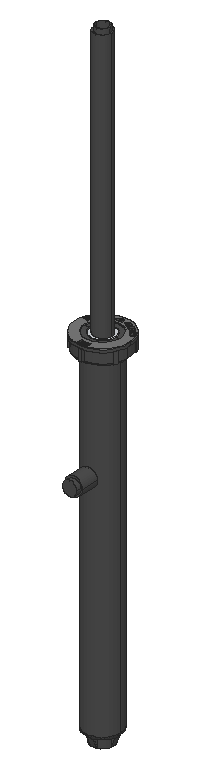
Revit family "Spray Bodies RD1800-S-P-45-F-NP Series", category Acessórios do tubo, Revit 2020
Family settings
  Cota do conector redondo = Utilizar diâmetro
  Tipo de parte = Normal
  Número OmniClass = 23.60.30.11.14
  Título OmniClass = Pipework Fittings
  Com base no plano de trabalho = Não
  Sempre na vertical = Sim
  Corte com vazios quando carregada = Não
  Compartilhado = Não
Parameters (values of type "RD1812-S-P-45-F-NP")
  White Plastic = Purple Plastic
  URL = "https://www.rainbird.com/"
  SupportProjetos: Reviw Date = "15/11/2020"  # constant formula
  SupportProjetos: Reviw = "R01"  # constant formula
  SupportProjetos: Level of Detail = "LOD 300"  # constant formula
  SupportProjetos: Developed = "MICHEL SOARES MOTA"  # constant formula
  SupportProjetos: Creation Date = "13/07/2020"  # constant formula
  Side inlet = Model > 1805  # yes
  RainBird: Product Link = "https://store.rainbird.com/sprinklers/spray-heads.html?sprays_sprayheadseries=117"
  RainBird: Description = "Spray Bodies Serie ED1800 - Model RD1812-S-P-45-F-NP"
  RainBird: Comment [instance] = ""
  RT = 0.3015 cm
  RN = 1 cm
  R5 = 1 cm
  R4 = 1.25 cm
  R3 = 2 cm
  R2 = 2.85 cm
  R1 = 1 cm
  R-VAN = yes
  Pop up height = 30.5 cm
  Pop up on [instance] = yes
  Modelo = "RD1812-S-P-45-F-NP"
  Model = 1812
  H1 = Body height / 3  # 13.5333 cm
  Elevação padrão = 0 cm
  Descrição = RainBird: Description  # "Spray Bodies Serie ED1800 - Model RD1812-S-P-45-F-NP"
  DT8 = 0.08 cm
  DT7 = 3.05 cm
  DT6 = 2 cm
  DT5 = 0.12 cm
  DT4 = 0.5 cm
  DT3 = 0.7973 cm
  DT2 = 1 cm
  DT1 = 1.4 cm
  DD9 = 2 cm
  DD8 [instance] = if(Pop up on, Pop up height, 0 cm)  # 30.5 cm
  DD7 = 0.6 cm
  DD6 = 0.3 cm
  DD5 = 0.2 cm
  DD3 = 1.8 cm
  DD2 = 0.5 cm
  DD13 = 1.5 cm
  DD12 [instance] = if(Pop up on, Pop up height + 1.51 cm, 0 cm)  # 32.01 cm
  DD11 = 0.6254 cm
  DD10 = 2.5 cm
  DD1 = 1.2 cm
  Conection = 1.91 cm  # constant formula
  Body height = 40.6 cm
  Black Plastic 2 = Black Plastic 2
  Black Plastic = Black Plastic
  Arch Angle [instance] = 180.00°
  AA1 = 135.00°
  1812 = yes
  1806 = no
  1804 = no
  180 = no
Types (4, lengths in cm): name | Side inlet | RainBird: Description | Pop up height | Modelo | Model | H1 | Descrição | DD9 | DD8 | DD12 | DD11 | DD10 | Body height | 1812 | 1806 | 1804 | 180
  (no name) | yes | "Spray Bodies Serie ED1800 - Model RD1812-S-P-45-F-NP" | 30.5 | "RD1812-S-P-45-F-NP" | 1812 | 13.5333 | "Spray Bodies Serie ED1800 - Model RD1812-S-P-45-F-NP" | 2 | 30.5 | 32.01 | 0.6254 | 2.5 | 40.6 | yes | no | no | no
  RD1804-S-P-45-F-NP | no | "Spray Bodies Serie RD1800 - Model RD1804-S-P-45-F-NP" | 10.2 | "RD1804-S-P-45-F-NP" | 1804 | 5.0667 | "Spray Bodies Serie RD1800 - Model RD1804-S-P-45-F-NP" | 1.3673 | 10.2 | 11.71 | 0.2 | 2.7818 | 15.2 | no | no | yes | yes
  RD1806-S-P-45-F-NP | yes | "Spray Bodies Serie RD1800 - Model RD1806-S-P-45-F-NP" | 15.2 | "RD1806-S-P-45-F-NP" | 1806 | 7.9333 | "Spray Bodies Serie RD1800 - Model RD1806-S-P-45-F-NP" | 1.3673 | 15.2 | 16.71 | 0.1 | 2.7818 | 23.8 | no | yes | no | yes
  RD1812-S-P-45-F-NP | yes | "Spray Bodies Serie ED1800 - Model RD1812-S-P-45-F-NP" | 30.5 | "RD1812-S-P-45-F-NP" | 1812 | 13.5333 | "Spray Bodies Serie ED1800 - Model RD1812-S-P-45-F-NP" | 2 | 30.5 | 32.01 | 0.6254 | 2.5 | 40.6 | yes | no | no | no
Reference planes (cm)
  plane 1 "Centro (Frente/Trás)": y = 0
  plane 2: z = 0
  plane 3 "Centro (Esquerda/Direita)": x = 0
  plane 4: z = 0.12
  plane 5: z = 0.08
  plane 6: y = -2
Forms (cm)
  Revolve 1, solid, material "Black Plastic" <- "Black Plastic"
    sketch origin (0, 0, 0) x (1, 0, 0) y (0, 0, 1)
      loop
        line (2.85, -1.5672) -> (2.85, -0.3) -> (3.05, -0.3) -> (3.05, 0) -> (1.4, 0) -> (1.4, -1) -> (1, -1) -> (1, -30.5) -> (0.6, -30.5) -> (0.6, -39.4) -> (1, -39.4) -> (1, -40.6) -> (1.25, -40.6) -> (1.25, -39.4) -> (1.6985, -39.4)
        arc (1.6985, -39.4) -> (1.9117, -39.3117) -> (2, -39.0985) r 0.3015
        line (2, -39.0985) -> (2, -2.1015)
        arc (2, -2.1015) -> (2.0883, -1.8883) -> (2.3015, -1.8) r 0.3015
        line (2.3015, -1.8) -> (2.6172, -1.8) -> (2.85, -1.5672)
      axis (0, -40.6) -> (0, 0)
    angle from 0 to 360
  Extrusion 2, solid, material "Black Plastic" <- "Black Plastic"
    sketch origin (0, 0, 0) x (1, 0, 0) y (0, 1, 0)
      loop
        circle (0, 0) r 1
    from -30.5 to 30.5
  Extrusion 3, void
    sketch origin (0, 0, 0) x (1, 0, 0) y (0, 1, 0)
      loop
        circle (0, 0) r 1
      loop
        circle (0, 0) r 0.7973
    from 30 to 30.5
  Extrusion 4, solid, material "Black Plastic" <- "Black Plastic", visible <- "180"
    sketch origin (0, -2.5, 0) x (1, 0, 0) y (0, 1, 0)
      loop
        line (-2.231, 3.2135) -> (-2.1644, 3.3339) -> (-2.3679, 3.3844) -> (-2.2992, 3.5085) -> (-2.0365, 3.4904) -> (-1.9715, 3.608) -> (-2.2887, 3.6298) -> (-2.4263, 3.706) -> (-2.6398, 3.6445) -> (-2.8298, 3.3622) -> (-2.231, 3.2135)
      loop
        line (-2.6663, 3.4585) -> (-2.4339, 3.4008) -> (-2.3526, 3.5478) -> (-2.4178, 3.6107) -> (-2.5587, 3.5701) -> (-2.6663, 3.4585)
      loop
        line (-1.9163, 3.7039) -> (-1.8175, 3.8064) -> (-1.8808, 3.8933) -> (-1.7232, 4.0568) -> (-1.6371, 4.0092) -> (-1.5763, 4.1193) -> (-2.1283, 4.1963) -> (-2.2118, 4.1098) -> (-1.9163, 3.7039)
      loop
        line (-2.0723, 4.0915) -> (-1.9537, 3.9286) -> (-1.8139, 4.0736) -> (-2.0723, 4.0915)
      loop
        line (-1.8177, 4.5186) -> (-1.3486, 4.2146) -> (-1.2727, 4.2934) -> (-1.7417, 4.5974) -> (-1.8177, 4.5186)
      loop
        line (-1.1151, 4.372) -> (-1.0305, 4.4599) -> (-1.2636, 4.6846) -> (-0.7593, 4.6142) -> (-0.6667, 4.7103) -> (-1.0803, 5.0567) -> (-1.1605, 4.9984) -> (-0.8466, 4.7354) -> (-1.4131, 4.8145) -> (-1.5049, 4.7477) -> (-1.1151, 4.372)
      loop
        line (-0.4562, 4.9237) -> (-0.283, 4.8466) -> (-0.0843, 4.7934) -> (0, 4.9138) -> (0.2358, 4.8722) -> (0.2981, 4.9345) -> (0.116, 5.0156) -> (0.2085, 5.1477) -> (-0.0336, 5.3172) -> (-0.0336, 5.1849) -> (-0.0336, 5.0821) -> (-0.1724, 5.1439) -> (-0.2428, 5.1033) -> (-0.1476, 5.0081) -> (-0.274, 4.9621) -> (-0.4562, 4.9237)
      loop
        line (0.6147, 4.7728) -> (0.9327, 4.5929) -> (1.0885, 4.5721) -> (1.1808, 4.6694) -> (1.1317, 4.7723) -> (1.2619, 4.7549) -> (1.334, 4.8309) -> (1.2754, 4.9539) -> (0.9573, 5.1338) -> (0.6147, 4.7728)
      loop
        line (0.8462, 4.8897) -> (0.7501, 4.7884) -> (0.9556, 4.6722) -> (1.0744, 4.6732) -> (1.0734, 4.7801) -> (0.8462, 4.8897)
      loop
        line (0.9989, 5.0507) -> (0.9222, 4.9699) -> (1.1173, 4.8595) -> (1.2037, 4.8602) -> (1.1883, 4.9435) -> (0.9989, 5.0507)
      loop
        line (1.2199, 4.4305) -> (1.3171, 4.3754) -> (1.7079, 4.7092) -> (1.6106, 4.7642) -> (1.2199, 4.4305)
      loop
        line (1.9335, 4.5079) -> (1.472, 4.2878) -> (1.5637, 4.2008) -> (1.7245, 4.2775) -> (1.8813, 4.1484) -> (1.7689, 4.0299) -> (1.857, 3.9063) -> (1.985, 3.9976) -> (2.0031, 4.1334) -> (2.1114, 4.0951) -> (2.2369, 4.155) -> (2.156, 4.3246) -> (1.9335, 4.5079)
      loop
        line (1.9261, 4.4053) -> (1.8225, 4.3559) -> (1.9436, 4.2141) -> (2.1112, 4.2155) -> (2.0556, 4.3321) -> (1.9261, 4.4053)
      loop
        line (1.9557, 3.8215) -> (2.1968, 3.4836) -> (2.3925, 3.4143) -> (2.7137, 3.5675) -> (2.6804, 3.6964) -> (2.4921, 3.9603) -> (1.9557, 3.8215)
      loop
        line (2.1302, 3.7523) -> (2.2577, 3.5736) -> (2.4889, 3.5756) -> (2.5959, 3.652) -> (2.4629, 3.8384) -> (2.1302, 3.7523)
      loop
        line (-0.516, -0.0627) -> (-0.4245, -0.0627) -> (-0.4245, -0.3834) -> (-0.3366, -0.3834) -> (-0.3366, 0.1166) -> (-0.516, -0.0627)
      loop
        line (-0.2745, 0.1165) -> (-0.2745, -0.3834) -> (-0.0345, -0.3834) -> (-0.0345, 0.1165) -> (-0.2745, 0.1165)
      loop
        line (-0.1945, 0.0365) -> (-0.1945, -0.0861) -> (-0.1145, -0.0861) -> (-0.1145, 0.0365) -> (-0.1945, 0.0365)
      loop
        line (-0.1945, -0.1661) -> (-0.1945, -0.3034) -> (-0.1145, -0.3034) -> (-0.1145, -0.1661) -> (-0.1945, -0.1661)
      loop
        line (0.0395, 0.1165) -> (0.0395, -0.3834) -> (0.2795, -0.3834) -> (0.2795, 0.1165) -> (0.0395, 0.1165)
      loop
        line (0.1195, 0.0365) -> (0.1195, -0.3034) -> (0.1995, -0.3034) -> (0.1995, 0.0365) -> (0.1195, 0.0365)
    from 0 to 0.12
  Extrusion 5, solid, material "Black Plastic 2" <- "Black Plastic 2"
    sketch origin (0, 0, 0) x (1, 0, 0) y (0, 1, 0)
      loop
        circle (0, 0) r 3.05
      loop
        circle (0, 0) r 2
    from 0 to 0.08
  Extrusion 6, solid, material "Black Plastic" <- "Black Plastic", visible <- "Side inlet"
    sketch origin (0, 0, 0) x (1, 0, 0) y (0, 0, 1)
      loop
        circle (0, -13.5333) r 1
    from 2 to 4
  Extrusion 7, solid, material "Black Plastic" <- "Black Plastic", visible <- "Side inlet"
    sketch origin (0, 0, 0) x (1, 0, 0) y (0, 0, 1)
      loop
        circle (0, -13.5333) r 0.7964
    from 4 to 4.5
  Extrusion 8, void
    sketch origin (0, 0, 0) x (1, 0, 0) y (0, 1, 0)
      loop
        circle (0, 0) r 0.6963
    from -30.5 to 30.5
  Extrusion 9, solid, material "Black Plastic" <- "Black Plastic"
    sketch origin (0, 0, 0) x (0, 1, 0) y (0, 0, 1)
      loop
        line (1.25, -39.4) -> (1.25, -40.6) -> (1.75, -39.4) -> (1.25, -39.4)
      loop
        line (-1.25, -39.4) -> (-1.75, -39.4) -> (-1.25, -40.6) -> (-1.25, -39.4)
    from -0.3127 to 0.3127
  Extrusion 10, solid, material "Black Plastic" <- "Black Plastic"
    sketch origin (0, 0, 0) x (-1, 0, 0) y (0, 0, 1)
      loop
        line (1.25, -39.4) -> (1.25, -40.6) -> (1.75, -39.4) -> (1.25, -39.4)
      loop
        line (-1.25, -39.4) -> (-1.75, -39.4) -> (-1.25, -40.6) -> (-1.25, -39.4)
    from -0.3127 to 0.3127
  Extrusion 11, solid, material "Black Plastic" <- "Black Plastic", visible <- "1804"
    sketch origin (0.5778, -2.5, 0) x (1, 0, 0) y (0, 1, 0)
      loop
        line (-0.268, -0.156) -> (-0.108, -0.156) -> (-0.108, -0.3834) -> (-0.024, -0.3834) -> (-0.024, 0.1165) -> (-0.108, 0.1165) -> (-0.108, -0.0861) -> (-0.188, -0.0861) -> (-0.188, 0.1165) -> (-0.268, 0.1165) -> (-0.268, -0.156)
    from 0 to 0.12
  Extrusion 12, solid, material "Black Plastic" <- "Black Plastic", visible <- "1806"
    sketch origin (0.5778, -2.5, 0) x (1, 0, 0) y (0, 1, 0)
      loop
        line (-0.268, -0.3834) -> (-0.024, -0.3834) -> (-0.024, -0.0861) -> (-0.188, -0.0861) -> (-0.188, 0.0365) -> (-0.024, 0.0365) -> (-0.024, 0.1165) -> (-0.268, 0.1165) -> (-0.268, -0.3834)
      loop
        line (-0.188, -0.1661) -> (-0.188, -0.3034) -> (-0.108, -0.3034) -> (-0.108, -0.1661) -> (-0.188, -0.1661)
    from 0 to 0.12
  Extrusion 13, solid, material "Black Plastic" <- "Black Plastic", visible <- "1812"
    sketch origin (0, -2.5, 0) x (1, 0, 0) y (0, 1, 0)
      loop
        line (-2.231, 3.2135) -> (-2.1644, 3.3339) -> (-2.3679, 3.3844) -> (-2.2992, 3.5085) -> (-2.0365, 3.4904) -> (-1.9715, 3.608) -> (-2.2887, 3.6298) -> (-2.4263, 3.706) -> (-2.6398, 3.6445) -> (-2.8298, 3.3622) -> (-2.231, 3.2135)
      loop
        line (-2.6663, 3.4585) -> (-2.4339, 3.4008) -> (-2.3526, 3.5478) -> (-2.4178, 3.6107) -> (-2.5587, 3.5701) -> (-2.6663, 3.4585)
      loop
        line (-1.9163, 3.7039) -> (-1.8175, 3.8064) -> (-1.8808, 3.8933) -> (-1.7232, 4.0568) -> (-1.6371, 4.0092) -> (-1.5763, 4.1193) -> (-2.1283, 4.1963) -> (-2.2118, 4.1098) -> (-1.9163, 3.7039)
      loop
        line (-2.0723, 4.0915) -> (-1.9537, 3.9286) -> (-1.8139, 4.0736) -> (-2.0723, 4.0915)
      loop
        line (-1.8177, 4.5186) -> (-1.3486, 4.2146) -> (-1.2727, 4.2934) -> (-1.7417, 4.5974) -> (-1.8177, 4.5186)
      loop
        line (-1.1151, 4.372) -> (-1.0305, 4.4599) -> (-1.2636, 4.6846) -> (-0.7593, 4.6142) -> (-0.6667, 4.7103) -> (-1.0803, 5.0567) -> (-1.1605, 4.9984) -> (-0.8466, 4.7354) -> (-1.4131, 4.8145) -> (-1.5049, 4.7477) -> (-1.1151, 4.372)
      loop
        line (-0.4562, 4.9237) -> (-0.283, 4.8466) -> (-0.0843, 4.7934) -> (0, 4.9138) -> (0.2358, 4.8722) -> (0.2981, 4.9345) -> (0.116, 5.0156) -> (0.2085, 5.1477) -> (-0.0336, 5.3172) -> (-0.0336, 5.1849) -> (-0.0336, 5.0821) -> (-0.1724, 5.1439) -> (-0.2428, 5.1033) -> (-0.1476, 5.0081) -> (-0.274, 4.9621) -> (-0.4562, 4.9237)
      loop
        line (0.6147, 4.7728) -> (0.9327, 4.5929) -> (1.0885, 4.5721) -> (1.1808, 4.6694) -> (1.1317, 4.7723) -> (1.2619, 4.7549) -> (1.334, 4.8309) -> (1.2754, 4.9539) -> (0.9573, 5.1338) -> (0.6147, 4.7728)
      loop
        line (0.8462, 4.8897) -> (0.7501, 4.7884) -> (0.9556, 4.6722) -> (1.0744, 4.6732) -> (1.0734, 4.7801) -> (0.8462, 4.8897)
      loop
        line (0.9989, 5.0507) -> (0.9222, 4.9699) -> (1.1173, 4.8595) -> (1.2037, 4.8602) -> (1.1883, 4.9435) -> (0.9989, 5.0507)
      loop
        line (1.2199, 4.4305) -> (1.3171, 4.3754) -> (1.7079, 4.7092) -> (1.6106, 4.7642) -> (1.2199, 4.4305)
      loop
        line (1.9335, 4.5079) -> (1.472, 4.2878) -> (1.5637, 4.2008) -> (1.7245, 4.2775) -> (1.8813, 4.1484) -> (1.7689, 4.0299) -> (1.857, 3.9063) -> (1.985, 3.9976) -> (2.0031, 4.1334) -> (2.1114, 4.0951) -> (2.2369, 4.155) -> (2.156, 4.3246) -> (1.9335, 4.5079)
      loop
        line (1.9261, 4.4053) -> (1.8225, 4.3559) -> (1.9436, 4.2141) -> (2.1112, 4.2155) -> (2.0556, 4.3321) -> (1.9261, 4.4053)
      loop
        line (1.9557, 3.8215) -> (2.1968, 3.4836) -> (2.3925, 3.4143) -> (2.7137, 3.5675) -> (2.6804, 3.6964) -> (2.4921, 3.9603) -> (1.9557, 3.8215)
      loop
        line (2.1302, 3.7523) -> (2.2577, 3.5736) -> (2.4889, 3.5756) -> (2.5959, 3.652) -> (2.4629, 3.8384) -> (2.1302, 3.7523)
      loop
        line (-0.516, -0.0625) -> (-0.4245, -0.0625) -> (-0.4245, -0.3832) -> (-0.3366, -0.3832) -> (-0.3366, 0.1168) -> (-0.516, -0.0625)
      loop
        line (-0.2745, 0.1166) -> (-0.2745, -0.3832) -> (-0.0345, -0.3832) -> (-0.0345, 0.1166) -> (-0.2745, 0.1166)
      loop
        line (-0.1945, 0.0366) -> (-0.1945, -0.086) -> (-0.1145, -0.086) -> (-0.1145, 0.0366) -> (-0.1945, 0.0366)
      loop
        line (-0.1945, -0.166) -> (-0.1945, -0.3032) -> (-0.1145, -0.3032) -> (-0.1145, -0.166) -> (-0.1945, -0.166)
      loop
        line (0.2795, 0.1166) -> (0.1002, -0.0625) -> (0.1916, -0.0625) -> (0.1916, -0.3831) -> (0.2795, -0.3831) -> (0.2795, 0.1166)
      loop
        line (0.3097, 0.1165) -> (0.3097, 0.0365) -> (0.4697, 0.0365) -> (0.4697, -0.0861) -> (0.3097, -0.0861) -> (0.3097, -0.3834) -> (0.5537, -0.3834) -> (0.5537, -0.3032) -> (0.3897, -0.3032) -> (0.3897, -0.1664) -> (0.5537, -0.1664) -> (0.5537, 0.1165) -> (0.3097, 0.1165)
    from 0 to 0.12
  Extrusion 14, solid, material "Black Plastic" <- "Black Plastic"
    sketch origin (0, 0, 0) x (1, 0, 0) y (0, 1, 0)
      loop
        line (-0.1873, 3.0442) -> (-0.1873, 2.8126)
        arc (-0.1873, 2.8126) -> (0, 2.8188) -> (0.1873, 2.8126) r 2.8188
        line (0.1873, 2.8126) -> (0.1873, 3.0442)
        arc (0.1873, 3.0442) -> (0, 3.05) -> (-0.1873, 3.0442) r 3.05
      loop
        arc (-0.1873, -3.0442) -> (0, -3.05) -> (0.1873, -3.0442) r 3.05
        line (0.1873, -3.0442) -> (0.1873, -2.8126)
        arc (0.1873, -2.8126) -> (0, -2.8188) -> (-0.1873, -2.8126) r 2.8188
        line (-0.1873, -2.8126) -> (-0.1873, -3.0442)
      loop
        line (-2.73, 1.3599) -> (-2.5294, 1.2441)
        arc (-2.5294, 1.2441) -> (-2.4411, 1.4094) -> (-2.3421, 1.5685) r 2.8188
        line (-2.3421, 1.5685) -> (-2.5427, 1.6843)
        arc (-2.5427, 1.6843) -> (-2.6414, 1.525) -> (-2.73, 1.3599) r 3.05
      loop
        arc (2.5427, -1.6843) -> (2.6414, -1.525) -> (2.73, -1.3599) r 3.05
        line (2.73, -1.3599) -> (2.5294, -1.2441)
        arc (2.5294, -1.2441) -> (2.4411, -1.4094) -> (2.3421, -1.5685) r 2.8188
        line (2.3421, -1.5685) -> (2.5427, -1.6843)
      loop
        line (-2.5427, -1.6843) -> (-2.3421, -1.5685)
        arc (-2.3421, -1.5685) -> (-2.4411, -1.4094) -> (-2.5294, -1.2441) r 2.8188
        line (-2.5294, -1.2441) -> (-2.73, -1.3599)
        arc (-2.73, -1.3599) -> (-2.6414, -1.525) -> (-2.5427, -1.6843) r 3.05
      loop
        arc (2.73, 1.3599) -> (2.6414, 1.525) -> (2.5427, 1.6843) r 3.05
        line (2.5427, 1.6843) -> (2.3421, 1.5685)
        arc (2.3421, 1.5685) -> (2.4411, 1.4094) -> (2.5294, 1.2441) r 2.8188
        line (2.5294, 1.2441) -> (2.73, 1.3599)
    from -1.5672 to -0.3
Cuts and joins
  Extrusion 3, Extrusion 8 cuts Extrusion 2
Dimensions and locks (cm)
  "Body height": level to Revolve 1 sketch curve
  "R2": Revolve 1 sketch curve to plane 3 "Centro (Esquerda/Direita)"
  "DD1": Revolve 1 sketch curve to Revolve 1 sketch curve
  "DD3": level to Revolve 1 sketch curve
  "R3": Revolve 1 sketch curve to plane 3 "Centro (Esquerda/Direita)"
  "R4": Revolve 1 sketch curve to plane 3 "Centro (Esquerda/Direita)"
  "DD5": Revolve 1 sketch curve to Revolve 1 sketch curve
  "DD6": level to Revolve 1 sketch curve
  "RN": Revolve 1 sketch curve to plane 3 "Centro (Esquerda/Direita)"
  "Pop up height": level to Revolve 1 sketch curve
  "R5": plane 3 "Centro (Esquerda/Direita)" to Revolve 1 sketch curve
  "DD7": Revolve 1 sketch curve to plane 3 "Centro (Esquerda/Direita)"
  "DT1": plane 3 "Centro (Esquerda/Direita)" to Revolve 1 sketch curve
  "DT2": level to Revolve 1 sketch curve
  "DD8": Extrusion 2 to level
  "DT4": cut or joined group of Extrusion 2, Extrusion 3, Extrusion 8 to cut or joined group of Extrusion 2, Extrusion 3, Extrusion 8
  "DT5": plane 4 to level
  "DT8": plane 5 to level
  "H1": level to Extrusion 6 sketch curve
  "R3": plane 6 to plane 1 "Centro (Frente/Trás)"
  "DD9": Extrusion 6 to plane 6
  locked: Extrusion 7 to Extrusion 6 at 0.5
  "H1": level to Extrusion 7 sketch curve
  equal spacing: Extrusion 9, plane 3 "Centro (Esquerda/Direita)", Extrusion 9
  "DD11": Extrusion 9 to Extrusion 9
  equal spacing: Extrusion 10, plane 1 "Centro (Frente/Trás)", Extrusion 10
  "DD11": Extrusion 10 to Extrusion 10
  plane 3 "Centro (Esquerda/Direita)" to Extrusion 14 = 0.1873 cm
  "RT": radius of Revolve 1 sketch curve  (x2)
  "R1": radius of Extrusion 2 sketch curve
  "R1": radius of Extrusion 3 sketch curve
  "DT3": radius of Extrusion 3 sketch curve
  "DT6": radius of Extrusion 5 sketch curve
  "DT7": radius of Extrusion 5 sketch curve
  "AA1": angle Revolve 1 sketch curve to Revolve 1 sketch curve
  aligned and locked: level to plane 2
  aligned and locked: level to Revolve 1 sketch curve
  aligned and locked: Revolve 1 sketch curve to Revolve 1 sketch curve
  aligned and locked: Extrusion 2 to Revolve 1
  aligned and locked: cut or joined group of Extrusion 2, Extrusion 3, Extrusion 8 to cut or joined group of Extrusion 2, Extrusion 3, Extrusion 8  (x3)
  aligned and locked: Extrusion 4 to level
  aligned and locked: plane 4 to Extrusion 4
  aligned and locked: Extrusion 5 to level
  aligned and locked: plane 5 to Extrusion 5
  aligned and locked: plane 6 to Extrusion 6
  aligned and locked: Extrusion 7 to Extrusion 6
  aligned and locked: Extrusion 9 to Revolve 1
  aligned and locked: Extrusion 10 to Revolve 1
  aligned and locked: Revolve 1 to Extrusion 10
  aligned and locked: Revolve 1 to Extrusion 9
  aligned and locked: Revolve 1 to Extrusion 14  (x2)
Automatic sketch dimensions
  plane 1 "Centro (Frente/Trás)" to Extrusion 2 sketch curve = 0 cm
  Extrusion 2 sketch curve to plane 3 "Centro (Esquerda/Direita)" = 0 cm
  Extrusion 4 sketch curve to plane 3 "Centro (Esquerda/Direita)" = 0 cm
  Extrusion 4 sketch curve to plane 3 "Centro (Esquerda/Direita)" = 0.0336 cm
  Extrusion 4 sketch curve to plane 3 "Centro (Esquerda/Direita)" = 0.0345 cm
  Extrusion 4 sketch curve to plane 3 "Centro (Esquerda/Direita)" = 0.0843 cm
  Extrusion 4 sketch curve to plane 3 "Centro (Esquerda/Direita)" = 0.1145 cm
  Extrusion 4 sketch curve to Extrusion 4 sketch curve = 0.08 cm  (x11)
  Extrusion 4 sketch curve to Extrusion 4 sketch curve = 0.114 cm
  Extrusion 4 sketch curve to Extrusion 4 sketch curve = 0.0248 cm
  Extrusion 4 sketch curve to Extrusion 4 sketch curve = 0.0704 cm
  Extrusion 4 sketch curve to Extrusion 4 sketch curve = 0.1264 cm
  Extrusion 4 sketch curve to Extrusion 4 sketch curve = 0.009 cm
  Extrusion 4 sketch curve to Extrusion 4 sketch curve = 0.0622 cm  (x3)
  Extrusion 4 sketch curve to Extrusion 4 sketch curve = 0.0879 cm
  Extrusion 4 sketch curve to Extrusion 4 sketch curve = 0.1822 cm
  Extrusion 4 sketch curve to Extrusion 4 sketch curve = 0.0914 cm
  Extrusion 4 sketch curve to Extrusion 4 sketch curve = 0.2105 cm
  Extrusion 4 sketch curve to Extrusion 4 sketch curve = 0.0927 cm
  Extrusion 4 sketch curve to Extrusion 4 sketch curve = 0.0872 cm  (x2)
  Extrusion 4 sketch curve to Extrusion 4 sketch curve = 0.2711 cm
  Extrusion 4 sketch curve to Extrusion 4 sketch curve = 0.2338 cm
  Extrusion 4 sketch curve to Extrusion 4 sketch curve = 0.0847 cm  (x2)
  Extrusion 4 sketch curve to Extrusion 4 sketch curve = 0.0802 cm
  Extrusion 4 sketch curve to Extrusion 4 sketch curve = 0.2331 cm
  Extrusion 4 sketch curve to Extrusion 4 sketch curve = 0.1575 cm
  Extrusion 4 sketch curve to Extrusion 4 sketch curve = 0.0759 cm  (x2)
  Extrusion 4 sketch curve to Extrusion 4 sketch curve = 0.1495 cm
  Extrusion 4 sketch curve to Extrusion 4 sketch curve = 0.0917 cm  (x2)
  Extrusion 4 sketch curve to Extrusion 4 sketch curve = 0.2277 cm
  Extrusion 4 sketch curve to Extrusion 4 sketch curve = 0.0609 cm  (x2)
  Extrusion 4 sketch curve to Extrusion 4 sketch curve = 0.0861 cm
  Extrusion 4 sketch curve to Extrusion 4 sketch curve = 0.2369 cm
  Extrusion 4 sketch curve to Extrusion 4 sketch curve = 0.0907 cm
  Extrusion 4 sketch curve to Extrusion 4 sketch curve = 0.0037 cm
  Extrusion 4 sketch curve to Extrusion 4 sketch curve = 0.0633 cm
  Extrusion 4 sketch curve to Extrusion 4 sketch curve = 0.0988 cm
  Extrusion 4 sketch curve to Extrusion 4 sketch curve = 0.0729 cm
  Extrusion 4 sketch curve to Extrusion 4 sketch curve = 0.0551 cm
  Extrusion 4 sketch curve to plane 1 "Centro (Frente/Trás)" = 0.9904 cm
  Extrusion 4 sketch curve to Extrusion 4 sketch curve = 0.065 cm
  Extrusion 4 sketch curve to Extrusion 4 sketch curve = 0.1186 cm
  Extrusion 4 sketch curve to Extrusion 4 sketch curve = 0.056 cm
  Extrusion 4 sketch curve to plane 1 "Centro (Frente/Trás)" = 0.8339 cm
  Extrusion 4 sketch curve to Extrusion 4 sketch curve = 0.1279 cm
  Extrusion 4 sketch curve to Extrusion 4 sketch curve = 0.0835 cm
  Extrusion 4 sketch curve to plane 1 "Centro (Frente/Trás)" = 0.7135 cm
  Extrusion 4 sketch curve to Extrusion 4 sketch curve = 0.0666 cm  (x2)
  Extrusion 4 sketch curve to plane 1 "Centro (Frente/Trás)" = 1.1298 cm
  Extrusion 4 sketch curve to Extrusion 4 sketch curve = 0.2521 cm
  Extrusion 4 sketch curve to plane 1 "Centro (Frente/Trás)" = 1.0085 cm
  Extrusion 4 sketch curve to Extrusion 4 sketch curve = 0.0106 cm
  Extrusion 4 sketch curve to plane 1 "Centro (Frente/Trás)" = 1.0478 cm
  Extrusion 4 sketch curve to Extrusion 4 sketch curve = 0.0534 cm
  Extrusion 4 sketch curve to plane 1 "Centro (Frente/Trás)" = 0.8844 cm
  Extrusion 4 sketch curve to Extrusion 4 sketch curve = 0.0686 cm
  Extrusion 4 sketch curve to plane 1 "Centro (Frente/Trás)" = 1.1107 cm
  Extrusion 4 sketch curve to Extrusion 4 sketch curve = 0.0652 cm
  Extrusion 4 sketch curve to plane 1 "Centro (Frente/Trás)" = 1.206 cm
  Extrusion 4 sketch curve to Extrusion 4 sketch curve = 0.0084 cm
  Extrusion 4 sketch curve to plane 1 "Centro (Frente/Trás)" = 0.9008 cm
  Extrusion 4 sketch curve to Extrusion 4 sketch curve = 0.066 cm
  Extrusion 4 sketch curve to plane 1 "Centro (Frente/Trás)" = 1.0701 cm
  Extrusion 4 sketch curve to Extrusion 4 sketch curve = 0.1408 cm
  Extrusion 4 sketch curve to plane 1 "Centro (Frente/Trás)" = 1.1445 cm
  Extrusion 4 sketch curve to Extrusion 4 sketch curve = 0.0811 cm  (x2)
  Extrusion 4 sketch curve to plane 1 "Centro (Frente/Trás)" = 0.9585 cm
  Extrusion 4 sketch curve to Extrusion 4 sketch curve = 0.1076 cm
  Extrusion 4 sketch curve to plane 1 "Centro (Frente/Trás)" = 0.8622 cm
  Extrusion 4 sketch curve to Extrusion 4 sketch curve = 0.1635 cm
  plane 3 "Centro (Esquerda/Direita)" to Extrusion 4 sketch curve = 0.0395 cm
  plane 3 "Centro (Esquerda/Direita)" to Extrusion 4 sketch curve = 0.116 cm
  Extrusion 4 sketch curve to Extrusion 4 sketch curve = 0.0925 cm
  Extrusion 4 sketch curve to Extrusion 4 sketch curve = 0.1199 cm
  Extrusion 4 sketch curve to Extrusion 4 sketch curve = 0.3166 cm
  Extrusion 4 sketch curve to Extrusion 4 sketch curve = 0.1353 cm
  Extrusion 4 sketch curve to Extrusion 4 sketch curve = 0.0961 cm  (x2)
  Extrusion 4 sketch curve to Extrusion 4 sketch curve = 0.076 cm  (x2)
  Extrusion 4 sketch curve to Extrusion 4 sketch curve = 0.1827 cm
  Extrusion 4 sketch curve to Extrusion 4 sketch curve = 0.0229 cm
  Extrusion 4 sketch curve to Extrusion 4 sketch curve = 0.0351 cm
  Extrusion 4 sketch curve to Extrusion 4 sketch curve = 0.0416 cm
  Extrusion 4 sketch curve to Extrusion 4 sketch curve = 0.1178 cm
  Extrusion 4 sketch curve to Extrusion 4 sketch curve = 0.0009 cm
  Extrusion 4 sketch curve to Extrusion 4 sketch curve = 0.0141 cm
  Extrusion 4 sketch curve to Extrusion 4 sketch curve = 0.0439 cm
  Extrusion 4 sketch curve to Extrusion 4 sketch curve = 0.0583 cm
  Extrusion 4 sketch curve to Extrusion 4 sketch curve = 0.1064 cm
  Extrusion 4 sketch curve to Extrusion 4 sketch curve = 0.071 cm
  Extrusion 4 sketch curve to Extrusion 4 sketch curve = 0.0154 cm
  Extrusion 4 sketch curve to Extrusion 4 sketch curve = 0.1314 cm
  Extrusion 4 sketch curve to Extrusion 4 sketch curve = 0.0871 cm
  Extrusion 4 sketch curve to Extrusion 4 sketch curve = 0.0973 cm  (x3)
  Extrusion 4 sketch curve to Extrusion 4 sketch curve = 0.0721 cm
  Extrusion 4 sketch curve to Extrusion 4 sketch curve = 0.1549 cm
  Extrusion 4 sketch curve to Extrusion 4 sketch curve = 0.2766 cm
  Extrusion 4 sketch curve to Extrusion 4 sketch curve = 0.1608 cm
  Extrusion 4 sketch curve to Extrusion 4 sketch curve = 0.0443 cm
  Extrusion 4 sketch curve to Extrusion 4 sketch curve = 0.098 cm
  Extrusion 4 sketch curve to Extrusion 4 sketch curve = 0.0882 cm
  Extrusion 4 sketch curve to Extrusion 4 sketch curve = 0.1125 cm
  Extrusion 4 sketch curve to Extrusion 4 sketch curve = 0.1036 cm
  Extrusion 4 sketch curve to Extrusion 4 sketch curve = 0.0073 cm
  Extrusion 4 sketch curve to Extrusion 4 sketch curve = 0.0623 cm
  Extrusion 4 sketch curve to Extrusion 4 sketch curve = 0.0987 cm
  Extrusion 4 sketch curve to Extrusion 4 sketch curve = 0.128 cm
  Extrusion 4 sketch curve to Extrusion 4 sketch curve = 0.0595 cm
  Extrusion 4 sketch curve to Extrusion 4 sketch curve = 0.1295 cm
  Extrusion 4 sketch curve to Extrusion 4 sketch curve = 0.0556 cm
  Extrusion 4 sketch curve to Extrusion 4 sketch curve = 0.1083 cm
  Extrusion 4 sketch curve to Extrusion 4 sketch curve = 0.1745 cm
  Extrusion 4 sketch curve to Extrusion 4 sketch curve = 0.1004 cm
  Extrusion 4 sketch curve to plane 1 "Centro (Frente/Trás)" = 0.9836 cm
  Extrusion 4 sketch curve to Extrusion 4 sketch curve = 0.1255 cm
  Extrusion 4 sketch curve to plane 1 "Centro (Frente/Trás)" = 1.0736 cm
  Extrusion 4 sketch curve to plane 1 "Centro (Frente/Trás)" = 0.9143 cm
  Extrusion 4 sketch curve to Extrusion 4 sketch curve = 0.1957 cm
  Extrusion 4 sketch curve to Extrusion 4 sketch curve = 0.2053 cm
  Extrusion 4 sketch curve to plane 1 "Centro (Frente/Trás)" = 1.0756 cm
  Extrusion 4 sketch curve to Extrusion 4 sketch curve = 0.0964 cm
  Extrusion 4 sketch curve to Extrusion 4 sketch curve = 0.0292 cm
  Extrusion 4 sketch curve to plane 1 "Centro (Frente/Trás)" = 1.152 cm
  Extrusion 4 sketch curve to Extrusion 4 sketch curve = 0.107 cm
  Extrusion 4 sketch curve to plane 1 "Centro (Frente/Trás)" = 1.1964 cm
  Extrusion 4 sketch curve to Extrusion 4 sketch curve = 0.0844 cm
  Extrusion 4 sketch curve to plane 1 "Centro (Frente/Trás)" = 1.0675 cm
  Extrusion 4 sketch curve to Extrusion 4 sketch curve = 0.0333 cm
  Extrusion 4 sketch curve to plane 6 = 0.3834 cm
  Extrusion 4 sketch curve to Extrusion 4 sketch curve = 0.0001 cm
  Extrusion 4 sketch curve to Extrusion 4 sketch curve = 0 cm  (x4)
  Extrusion 4 sketch curve to Extrusion 4 sketch curve = 0.1793 cm
  Extrusion 4 sketch curve to Extrusion 4 sketch curve = 0.1226 cm
  Extrusion 4 sketch curve to Extrusion 4 sketch curve = 0.1372 cm
  Extrusion 4 sketch curve to Extrusion 4 sketch curve = 0.1176 cm
  Extrusion 4 sketch curve to Extrusion 4 sketch curve = 0.096 cm
  Extrusion 4 sketch curve to Extrusion 4 sketch curve = 0.1787 cm
  Extrusion 4 sketch curve to Extrusion 4 sketch curve = 0.1025 cm
  Extrusion 4 sketch curve to Extrusion 4 sketch curve = 0.0692 cm
  Extrusion 4 sketch curve to Extrusion 4 sketch curve = 0.0869 cm
  Extrusion 4 sketch curve to Extrusion 4 sketch curve = 0.0353 cm
  Extrusion 4 sketch curve to Extrusion 4 sketch curve = 0.1219 cm
  Extrusion 4 sketch curve to Extrusion 4 sketch curve = 0.0913 cm
  Extrusion 4 sketch curve to Extrusion 4 sketch curve = 0.1159 cm
  Extrusion 4 sketch curve to Extrusion 4 sketch curve = 0.0476 cm
  Extrusion 4 sketch curve to Extrusion 4 sketch curve = 0.0168 cm
  Extrusion 4 sketch curve to Extrusion 4 sketch curve = 0.1629 cm
  Extrusion 4 sketch curve to Extrusion 4 sketch curve = 0.0975 cm
  Extrusion 4 sketch curve to Extrusion 4 sketch curve = 0.0183 cm
  Extrusion 4 sketch curve to Extrusion 4 sketch curve = 0.0383 cm
  Extrusion 4 sketch curve to Extrusion 4 sketch curve = 0.015 cm
  Extrusion 4 sketch curve to Extrusion 4 sketch curve = 0.0599 cm
  Extrusion 4 sketch curve to Extrusion 4 sketch curve = 0.1049 cm
  Extrusion 4 sketch curve to Extrusion 4 sketch curve = 0.1709 cm
  Extrusion 4 sketch curve to Extrusion 4 sketch curve = 0.0657 cm
  Extrusion 4 sketch curve to Extrusion 4 sketch curve = 0.0953 cm
  Extrusion 4 sketch curve to Extrusion 4 sketch curve = 0.1091 cm
  Extrusion 4 sketch curve to Extrusion 4 sketch curve = 0.0767 cm
  Extrusion 4 sketch curve to Extrusion 4 sketch curve = 0.087 cm
  Extrusion 4 sketch curve to Extrusion 4 sketch curve = 0.0788 cm  (x3)
  Extrusion 4 sketch curve to Extrusion 4 sketch curve = 0.0074 cm
  Extrusion 4 sketch curve to Extrusion 4 sketch curve = 0.0783 cm
  Extrusion 4 sketch curve to Extrusion 4 sketch curve = 0.0787 cm
  Extrusion 4 sketch curve to Extrusion 4 sketch curve = 0.0876 cm
  Extrusion 4 sketch curve to Extrusion 4 sketch curve = 0.0494 cm
  Extrusion 4 sketch curve to Extrusion 4 sketch curve = 0.055 cm  (x2)
  Extrusion 4 sketch curve to Extrusion 4 sketch curve = 0.0878 cm
  Extrusion 4 sketch curve to Extrusion 4 sketch curve = 0.1026 cm
  Extrusion 4 sketch curve to Extrusion 4 sketch curve = 0.2291 cm
  Extrusion 4 sketch curve to Extrusion 4 sketch curve = 0.1417 cm
  Extrusion 4 sketch curve to Extrusion 4 sketch curve = 0.0208 cm
  Extrusion 4 sketch curve to Extrusion 4 sketch curve = 0.1543 cm
  Extrusion 4 sketch curve to Extrusion 4 sketch curve = 0.0792 cm
  Extrusion 4 sketch curve to Extrusion 4 sketch curve = 0.1011 cm
  Extrusion 4 sketch curve to Extrusion 4 sketch curve = 0.2013 cm
  Extrusion 4 sketch curve to Extrusion 4 sketch curve = 0.1212 cm
  Extrusion 4 sketch curve to Extrusion 4 sketch curve = 0.0855 cm
  Extrusion 4 sketch curve to Extrusion 4 sketch curve = 0.0078 cm
  Extrusion 4 sketch curve to Extrusion 4 sketch curve = 0.1007 cm
  Extrusion 4 sketch curve to Extrusion 4 sketch curve = 0.0156 cm
  Extrusion 4 sketch curve to Extrusion 4 sketch curve = 0.0831 cm
  Extrusion 4 sketch curve to Extrusion 4 sketch curve = 0.0668 cm
  Extrusion 4 sketch curve to Extrusion 4 sketch curve = 0.0532 cm
  Extrusion 4 sketch curve to Extrusion 4 sketch curve = 0.0008 cm
  Extrusion 4 sketch curve to Extrusion 4 sketch curve = 0.1013 cm
  Extrusion 4 sketch curve to Extrusion 4 sketch curve = 0.1204 cm
  Extrusion 4 sketch curve to Extrusion 4 sketch curve = 0.0771 cm
  Extrusion 4 sketch curve to Extrusion 4 sketch curve = 0.0832 cm  (x2)
  Extrusion 4 sketch curve to Extrusion 4 sketch curve = 0.0104 cm
  Extrusion 4 sketch curve to Extrusion 4 sketch curve = 0.1155 cm
  Extrusion 4 sketch curve to Extrusion 4 sketch curve = 0.0801 cm
  Extrusion 4 sketch curve to Extrusion 4 sketch curve = 0.1839 cm
  Extrusion 4 sketch curve to Extrusion 4 sketch curve = 0.046 cm
  Extrusion 4 sketch curve to Extrusion 4 sketch curve = 0.1018 cm
  Extrusion 4 sketch curve to Extrusion 4 sketch curve = 0.0808 cm
  Extrusion 4 sketch curve to Extrusion 4 sketch curve = 0.0584 cm
  Extrusion 4 sketch curve to Extrusion 4 sketch curve = 0.074 cm
  Extrusion 4 sketch curve to Extrusion 4 sketch curve = 0.0952 cm
  Extrusion 4 sketch curve to Extrusion 4 sketch curve = 0.0406 cm
  Extrusion 4 sketch curve to Extrusion 4 sketch curve = 0.1321 cm
  Extrusion 4 sketch curve to Extrusion 4 sketch curve = 0.1028 cm
  plane 1 "Centro (Frente/Trás)" to Extrusion 8 sketch curve = 0 cm
  Extrusion 8 sketch curve to plane 3 "Centro (Esquerda/Direita)" = 0 cm
  plane 6 to Extrusion 9 sketch curve = 0.25 cm
  plane 6 to Extrusion 9 sketch curve = 0.75 cm
  Extrusion 9 sketch curve to plane 1 "Centro (Frente/Trás)" = 1.25 cm
  Extrusion 9 sketch curve to Extrusion 9 sketch curve = 0.5 cm
  Extrusion 9 sketch curve to level = 40.6 cm
  Extrusion 9 sketch curve to Extrusion 9 sketch curve = 0 cm
  Extrusion 9 sketch curve to Extrusion 9 sketch curve = 1.2 cm  (x2)
  plane 3 "Centro (Esquerda/Direita)" to Extrusion 10 sketch curve = 1.75 cm
  plane 3 "Centro (Esquerda/Direita)" to Extrusion 10 sketch curve = 1.25 cm
  Extrusion 10 sketch curve to plane 3 "Centro (Esquerda/Direita)" = 1.25 cm
  Extrusion 10 sketch curve to Extrusion 10 sketch curve = 0.5 cm
  Extrusion 10 sketch curve to level = 40.6 cm
  Extrusion 10 sketch curve to Extrusion 10 sketch curve = 0 cm
  Extrusion 10 sketch curve to Extrusion 10 sketch curve = 1.2 cm  (x2)
  plane 3 "Centro (Esquerda/Direita)" to Extrusion 11 sketch curve = 0.3097 cm
  Extrusion 11 sketch curve to Extrusion 11 sketch curve = 0.08 cm  (x2)
  Extrusion 11 sketch curve to Extrusion 11 sketch curve = 0 cm  (x2)
  Extrusion 11 sketch curve to Extrusion 11 sketch curve = 0.084 cm
  Extrusion 11 sketch curve to plane 6 = 0.8834 cm
  Extrusion 11 sketch curve to Extrusion 11 sketch curve = 0.2273 cm
  Extrusion 11 sketch curve to Extrusion 11 sketch curve = 0.0699 cm
  Extrusion 11 sketch curve to Extrusion 11 sketch curve = 0.2026 cm
  plane 3 "Centro (Esquerda/Direita)" to Extrusion 12 sketch curve = 0.3097 cm
  Extrusion 12 sketch curve to Extrusion 12 sketch curve = 0.08 cm  (x6)
  Extrusion 12 sketch curve to Extrusion 12 sketch curve = 0.084 cm
  Extrusion 12 sketch curve to Extrusion 12 sketch curve = 0.164 cm
  Extrusion 12 sketch curve to plane 6 = 0.8834 cm
  Extrusion 12 sketch curve to Extrusion 12 sketch curve = 0.1372 cm
  Extrusion 12 sketch curve to Extrusion 12 sketch curve = 0.1226 cm
  Extrusion 13 sketch curve to plane 3 "Centro (Esquerda/Direita)" = 0 cm
  Extrusion 13 sketch curve to plane 3 "Centro (Esquerda/Direita)" = 0.0336 cm
  Extrusion 13 sketch curve to plane 3 "Centro (Esquerda/Direita)" = 0.0345 cm
  Extrusion 13 sketch curve to plane 3 "Centro (Esquerda/Direita)" = 0.0843 cm
  Extrusion 13 sketch curve to plane 3 "Centro (Esquerda/Direita)" = 0.1145 cm
  Extrusion 13 sketch curve to Extrusion 13 sketch curve = 0 cm  (x2)
  Extrusion 13 sketch curve to Extrusion 13 sketch curve = 0.114 cm
  Extrusion 13 sketch curve to Extrusion 13 sketch curve = 0.0248 cm
  Extrusion 13 sketch curve to Extrusion 13 sketch curve = 0.08 cm  (x8)
  Extrusion 13 sketch curve to Extrusion 13 sketch curve = 0.0704 cm
  Extrusion 13 sketch curve to Extrusion 13 sketch curve = 0.1264 cm
  Extrusion 13 sketch curve to Extrusion 13 sketch curve = 0.009 cm
  Extrusion 13 sketch curve to Extrusion 13 sketch curve = 0.0622 cm  (x3)
  Extrusion 13 sketch curve to Extrusion 13 sketch curve = 0.0879 cm  (x2)
  Extrusion 13 sketch curve to Extrusion 13 sketch curve = 0.1822 cm
  Extrusion 13 sketch curve to Extrusion 13 sketch curve = 0.0914 cm
  Extrusion 13 sketch curve to Extrusion 13 sketch curve = 0.2105 cm
  Extrusion 13 sketch curve to Extrusion 13 sketch curve = 0.0927 cm
  Extrusion 13 sketch curve to Extrusion 13 sketch curve = 0.0872 cm  (x2)
  Extrusion 13 sketch curve to Extrusion 13 sketch curve = 0.2711 cm
  Extrusion 13 sketch curve to Extrusion 13 sketch curve = 0.2338 cm
  Extrusion 13 sketch curve to Extrusion 13 sketch curve = 0.0847 cm  (x2)
  Extrusion 13 sketch curve to Extrusion 13 sketch curve = 0.0802 cm
  Extrusion 13 sketch curve to Extrusion 13 sketch curve = 0.2331 cm
  Extrusion 13 sketch curve to Extrusion 13 sketch curve = 0.1575 cm
  Extrusion 13 sketch curve to Extrusion 13 sketch curve = 0.0759 cm  (x2)
  Extrusion 13 sketch curve to Extrusion 13 sketch curve = 0.1495 cm
  Extrusion 13 sketch curve to Extrusion 13 sketch curve = 0.0917 cm  (x2)
  Extrusion 13 sketch curve to Extrusion 13 sketch curve = 0.2277 cm
  Extrusion 13 sketch curve to Extrusion 13 sketch curve = 0.0609 cm  (x2)
  Extrusion 13 sketch curve to Extrusion 13 sketch curve = 0.0861 cm
  Extrusion 13 sketch curve to Extrusion 13 sketch curve = 0.2369 cm
  Extrusion 13 sketch curve to Extrusion 13 sketch curve = 0.0907 cm
  Extrusion 13 sketch curve to Extrusion 13 sketch curve = 0.0037 cm
  Extrusion 13 sketch curve to Extrusion 13 sketch curve = 0.0633 cm
  Extrusion 13 sketch curve to Extrusion 13 sketch curve = 0.0988 cm
  Extrusion 13 sketch curve to Extrusion 13 sketch curve = 0.0729 cm
  Extrusion 13 sketch curve to Extrusion 13 sketch curve = 0.0551 cm
  Extrusion 13 sketch curve to plane 1 "Centro (Frente/Trás)" = 0.9904 cm
  Extrusion 13 sketch curve to Extrusion 13 sketch curve = 0.065 cm
  Extrusion 13 sketch curve to Extrusion 13 sketch curve = 0.1186 cm
  Extrusion 13 sketch curve to Extrusion 13 sketch curve = 0.056 cm
  Extrusion 13 sketch curve to plane 1 "Centro (Frente/Trás)" = 0.8339 cm
  Extrusion 13 sketch curve to Extrusion 13 sketch curve = 0.1279 cm
  Extrusion 13 sketch curve to Extrusion 13 sketch curve = 0.0835 cm
  Extrusion 13 sketch curve to plane 1 "Centro (Frente/Trás)" = 0.7135 cm
  Extrusion 13 sketch curve to Extrusion 13 sketch curve = 0.0666 cm  (x2)
  Extrusion 13 sketch curve to plane 1 "Centro (Frente/Trás)" = 1.1298 cm
  Extrusion 13 sketch curve to Extrusion 13 sketch curve = 0.2521 cm
  Extrusion 13 sketch curve to plane 1 "Centro (Frente/Trás)" = 1.0085 cm
  Extrusion 13 sketch curve to Extrusion 13 sketch curve = 0.0106 cm
  Extrusion 13 sketch curve to plane 1 "Centro (Frente/Trás)" = 1.0478 cm
  Extrusion 13 sketch curve to Extrusion 13 sketch curve = 0.0534 cm
  Extrusion 13 sketch curve to plane 1 "Centro (Frente/Trás)" = 0.8844 cm
  Extrusion 13 sketch curve to Extrusion 13 sketch curve = 0.0686 cm
  Extrusion 13 sketch curve to plane 1 "Centro (Frente/Trás)" = 1.1107 cm
  Extrusion 13 sketch curve to Extrusion 13 sketch curve = 0.0652 cm
  Extrusion 13 sketch curve to plane 1 "Centro (Frente/Trás)" = 1.206 cm
  Extrusion 13 sketch curve to Extrusion 13 sketch curve = 0.0084 cm
  Extrusion 13 sketch curve to plane 1 "Centro (Frente/Trás)" = 0.9008 cm
  Extrusion 13 sketch curve to Extrusion 13 sketch curve = 0.066 cm
  Extrusion 13 sketch curve to plane 1 "Centro (Frente/Trás)" = 1.0701 cm
  Extrusion 13 sketch curve to Extrusion 13 sketch curve = 0.1408 cm
  Extrusion 13 sketch curve to plane 1 "Centro (Frente/Trás)" = 1.1445 cm
  Extrusion 13 sketch curve to Extrusion 13 sketch curve = 0.0811 cm  (x2)
  Extrusion 13 sketch curve to plane 1 "Centro (Frente/Trás)" = 0.9585 cm
  Extrusion 13 sketch curve to Extrusion 13 sketch curve = 0.1076 cm
  Extrusion 13 sketch curve to plane 1 "Centro (Frente/Trás)" = 0.8622 cm
  Extrusion 13 sketch curve to Extrusion 13 sketch curve = 0.1635 cm
  plane 3 "Centro (Esquerda/Direita)" to Extrusion 13 sketch curve = 0.1002 cm
  plane 3 "Centro (Esquerda/Direita)" to Extrusion 13 sketch curve = 0.116 cm
  plane 3 "Centro (Esquerda/Direita)" to Extrusion 13 sketch curve = 0.1916 cm
  Extrusion 13 sketch curve to Extrusion 13 sketch curve = 0.0925 cm
  Extrusion 13 sketch curve to Extrusion 13 sketch curve = 0.1199 cm
  Extrusion 13 sketch curve to Extrusion 13 sketch curve = 0.0302 cm  (x2)
  Extrusion 13 sketch curve to Extrusion 13 sketch curve = 0.16 cm
  Extrusion 13 sketch curve to Extrusion 13 sketch curve = 0.164 cm
  Extrusion 13 sketch curve to Extrusion 13 sketch curve = 0.3166 cm
  Extrusion 13 sketch curve to Extrusion 13 sketch curve = 0.1353 cm
  Extrusion 13 sketch curve to Extrusion 13 sketch curve = 0.0961 cm  (x2)
  Extrusion 13 sketch curve to Extrusion 13 sketch curve = 0.076 cm  (x2)
  Extrusion 13 sketch curve to Extrusion 13 sketch curve = 0.1827 cm
  Extrusion 13 sketch curve to Extrusion 13 sketch curve = 0.0229 cm
  Extrusion 13 sketch curve to Extrusion 13 sketch curve = 0.0351 cm
  Extrusion 13 sketch curve to Extrusion 13 sketch curve = 0.0416 cm
  Extrusion 13 sketch curve to Extrusion 13 sketch curve = 0.1178 cm
  Extrusion 13 sketch curve to Extrusion 13 sketch curve = 0.0009 cm
  Extrusion 13 sketch curve to Extrusion 13 sketch curve = 0.0141 cm
  Extrusion 13 sketch curve to Extrusion 13 sketch curve = 0.0439 cm
  Extrusion 13 sketch curve to Extrusion 13 sketch curve = 0.0583 cm
  Extrusion 13 sketch curve to Extrusion 13 sketch curve = 0.1064 cm
  Extrusion 13 sketch curve to Extrusion 13 sketch curve = 0.071 cm
  Extrusion 13 sketch curve to Extrusion 13 sketch curve = 0.0154 cm
  Extrusion 13 sketch curve to Extrusion 13 sketch curve = 0.1314 cm
  Extrusion 13 sketch curve to Extrusion 13 sketch curve = 0.0871 cm
  Extrusion 13 sketch curve to Extrusion 13 sketch curve = 0.0973 cm  (x3)
  Extrusion 13 sketch curve to Extrusion 13 sketch curve = 0.0721 cm
  Extrusion 13 sketch curve to Extrusion 13 sketch curve = 0.1549 cm
  Extrusion 13 sketch curve to Extrusion 13 sketch curve = 0.2766 cm
  Extrusion 13 sketch curve to Extrusion 13 sketch curve = 0.1608 cm
  Extrusion 13 sketch curve to Extrusion 13 sketch curve = 0.0443 cm
  Extrusion 13 sketch curve to Extrusion 13 sketch curve = 0.098 cm
  Extrusion 13 sketch curve to Extrusion 13 sketch curve = 0.0882 cm
  Extrusion 13 sketch curve to Extrusion 13 sketch curve = 0.1125 cm
  Extrusion 13 sketch curve to Extrusion 13 sketch curve = 0.1036 cm
  Extrusion 13 sketch curve to Extrusion 13 sketch curve = 0.0073 cm
  Extrusion 13 sketch curve to Extrusion 13 sketch curve = 0.0623 cm
  Extrusion 13 sketch curve to Extrusion 13 sketch curve = 0.0987 cm
  Extrusion 13 sketch curve to Extrusion 13 sketch curve = 0.128 cm
  Extrusion 13 sketch curve to Extrusion 13 sketch curve = 0.0595 cm
  Extrusion 13 sketch curve to Extrusion 13 sketch curve = 0.1295 cm
  Extrusion 13 sketch curve to Extrusion 13 sketch curve = 0.0556 cm
  Extrusion 13 sketch curve to Extrusion 13 sketch curve = 0.1083 cm
  Extrusion 13 sketch curve to Extrusion 13 sketch curve = 0.1745 cm
  Extrusion 13 sketch curve to Extrusion 13 sketch curve = 0.1004 cm
  Extrusion 13 sketch curve to plane 1 "Centro (Frente/Trás)" = 0.9836 cm
  Extrusion 13 sketch curve to Extrusion 13 sketch curve = 0.1255 cm
  Extrusion 13 sketch curve to plane 1 "Centro (Frente/Trás)" = 1.0736 cm
  Extrusion 13 sketch curve to plane 1 "Centro (Frente/Trás)" = 0.9143 cm
  Extrusion 13 sketch curve to Extrusion 13 sketch curve = 0.1957 cm
  Extrusion 13 sketch curve to Extrusion 13 sketch curve = 0.2053 cm
  Extrusion 13 sketch curve to plane 1 "Centro (Frente/Trás)" = 1.0756 cm
  Extrusion 13 sketch curve to Extrusion 13 sketch curve = 0.0964 cm
  Extrusion 13 sketch curve to Extrusion 13 sketch curve = 0.0292 cm
  Extrusion 13 sketch curve to plane 1 "Centro (Frente/Trás)" = 1.152 cm
  Extrusion 13 sketch curve to Extrusion 13 sketch curve = 0.107 cm
  Extrusion 13 sketch curve to plane 1 "Centro (Frente/Trás)" = 1.1964 cm
  Extrusion 13 sketch curve to Extrusion 13 sketch curve = 0.0844 cm
  Extrusion 13 sketch curve to plane 1 "Centro (Frente/Trás)" = 1.0675 cm
  Extrusion 13 sketch curve to Extrusion 13 sketch curve = 0.0333 cm
  Extrusion 13 sketch curve to plane 6 = 0.3832 cm
  Extrusion 13 sketch curve to plane 6 = 0.3834 cm
  Extrusion 13 sketch curve to Extrusion 13 sketch curve = 0.0001 cm  (x2)
  Extrusion 13 sketch curve to Extrusion 13 sketch curve = 0.1793 cm
  Extrusion 13 sketch curve to Extrusion 13 sketch curve = 0.1792 cm
  Extrusion 13 sketch curve to Extrusion 13 sketch curve = 0.1226 cm  (x2)
  Extrusion 13 sketch curve to Extrusion 13 sketch curve = 0.0803 cm
  Extrusion 13 sketch curve to Extrusion 13 sketch curve = 0.1369 cm  (x2)
  Extrusion 13 sketch curve to Extrusion 13 sketch curve = 0.1372 cm
  Extrusion 13 sketch curve to Extrusion 13 sketch curve = 0.0799 cm
  Extrusion 13 sketch curve to Extrusion 13 sketch curve = 0.0801 cm  (x2)
  Extrusion 13 sketch curve to Extrusion 13 sketch curve = 0.1176 cm
  Extrusion 13 sketch curve to Extrusion 13 sketch curve = 0.096 cm
  Extrusion 13 sketch curve to Extrusion 13 sketch curve = 0.1787 cm
  Extrusion 13 sketch curve to Extrusion 13 sketch curve = 0.1025 cm
  Extrusion 13 sketch curve to Extrusion 13 sketch curve = 0.0692 cm
  Extrusion 13 sketch curve to Extrusion 13 sketch curve = 0.0869 cm
  Extrusion 13 sketch curve to Extrusion 13 sketch curve = 0.0353 cm
  Extrusion 13 sketch curve to Extrusion 13 sketch curve = 0.1219 cm
  Extrusion 13 sketch curve to Extrusion 13 sketch curve = 0.0913 cm
  Extrusion 13 sketch curve to Extrusion 13 sketch curve = 0.1159 cm
  Extrusion 13 sketch curve to Extrusion 13 sketch curve = 0.0476 cm
  Extrusion 13 sketch curve to Extrusion 13 sketch curve = 0.0168 cm
  Extrusion 13 sketch curve to Extrusion 13 sketch curve = 0.1629 cm
  Extrusion 13 sketch curve to Extrusion 13 sketch curve = 0.0975 cm
  Extrusion 13 sketch curve to Extrusion 13 sketch curve = 0.0183 cm
  Extrusion 13 sketch curve to Extrusion 13 sketch curve = 0.0383 cm
  Extrusion 13 sketch curve to Extrusion 13 sketch curve = 0.015 cm
  Extrusion 13 sketch curve to Extrusion 13 sketch curve = 0.0599 cm
  Extrusion 13 sketch curve to Extrusion 13 sketch curve = 0.1049 cm
  Extrusion 13 sketch curve to Extrusion 13 sketch curve = 0.1709 cm
  Extrusion 13 sketch curve to Extrusion 13 sketch curve = 0.0657 cm
  Extrusion 13 sketch curve to Extrusion 13 sketch curve = 0.0953 cm
  Extrusion 13 sketch curve to Extrusion 13 sketch curve = 0.1091 cm
  Extrusion 13 sketch curve to Extrusion 13 sketch curve = 0.0767 cm
  Extrusion 13 sketch curve to Extrusion 13 sketch curve = 0.087 cm
  Extrusion 13 sketch curve to Extrusion 13 sketch curve = 0.0788 cm  (x3)
  Extrusion 13 sketch curve to Extrusion 13 sketch curve = 0.0074 cm
  Extrusion 13 sketch curve to Extrusion 13 sketch curve = 0.0783 cm
  Extrusion 13 sketch curve to Extrusion 13 sketch curve = 0.0787 cm
  Extrusion 13 sketch curve to Extrusion 13 sketch curve = 0.0876 cm
  Extrusion 13 sketch curve to Extrusion 13 sketch curve = 0.0494 cm
  Extrusion 13 sketch curve to Extrusion 13 sketch curve = 0.055 cm  (x2)
  Extrusion 13 sketch curve to Extrusion 13 sketch curve = 0.0878 cm
  Extrusion 13 sketch curve to Extrusion 13 sketch curve = 0.1026 cm
  Extrusion 13 sketch curve to Extrusion 13 sketch curve = 0.2291 cm
  Extrusion 13 sketch curve to Extrusion 13 sketch curve = 0.1417 cm
  Extrusion 13 sketch curve to Extrusion 13 sketch curve = 0.0208 cm
  Extrusion 13 sketch curve to Extrusion 13 sketch curve = 0.1543 cm
  Extrusion 13 sketch curve to Extrusion 13 sketch curve = 0.0792 cm
  Extrusion 13 sketch curve to Extrusion 13 sketch curve = 0.1011 cm
  Extrusion 13 sketch curve to Extrusion 13 sketch curve = 0.2013 cm
  Extrusion 13 sketch curve to Extrusion 13 sketch curve = 0.1212 cm
  Extrusion 13 sketch curve to Extrusion 13 sketch curve = 0.0855 cm
  Extrusion 13 sketch curve to Extrusion 13 sketch curve = 0.0078 cm
  Extrusion 13 sketch curve to Extrusion 13 sketch curve = 0.1007 cm
  Extrusion 13 sketch curve to Extrusion 13 sketch curve = 0.0156 cm
  Extrusion 13 sketch curve to Extrusion 13 sketch curve = 0.0831 cm
  Extrusion 13 sketch curve to Extrusion 13 sketch curve = 0.0668 cm
  Extrusion 13 sketch curve to Extrusion 13 sketch curve = 0.0532 cm
  Extrusion 13 sketch curve to Extrusion 13 sketch curve = 0.0008 cm
  Extrusion 13 sketch curve to Extrusion 13 sketch curve = 0.1013 cm
  Extrusion 13 sketch curve to Extrusion 13 sketch curve = 0.1204 cm
  Extrusion 13 sketch curve to Extrusion 13 sketch curve = 0.0771 cm
  Extrusion 13 sketch curve to Extrusion 13 sketch curve = 0.0832 cm  (x2)
  Extrusion 13 sketch curve to Extrusion 13 sketch curve = 0.0104 cm
  Extrusion 13 sketch curve to Extrusion 13 sketch curve = 0.1155 cm
  Extrusion 13 sketch curve to Extrusion 13 sketch curve = 0.1839 cm
  Extrusion 13 sketch curve to Extrusion 13 sketch curve = 0.046 cm
  Extrusion 13 sketch curve to Extrusion 13 sketch curve = 0.1018 cm
  Extrusion 13 sketch curve to Extrusion 13 sketch curve = 0.0808 cm
  Extrusion 13 sketch curve to Extrusion 13 sketch curve = 0.0584 cm
  Extrusion 13 sketch curve to Extrusion 13 sketch curve = 0.074 cm
  Extrusion 13 sketch curve to Extrusion 13 sketch curve = 0.0952 cm
  Extrusion 13 sketch curve to Extrusion 13 sketch curve = 0.0406 cm
  Extrusion 13 sketch curve to Extrusion 13 sketch curve = 0.1321 cm
  Extrusion 13 sketch curve to Extrusion 13 sketch curve = 0.1028 cm
  Extrusion 13 sketch curve to Extrusion 13 sketch curve = 0.084 cm
  Extrusion 14 sketch curve to plane 3 "Centro (Esquerda/Direita)" = 0.1873 cm  (x2)
  plane 6 to Extrusion 14 sketch curve = 0.4315 cm  (x2)
  Extrusion 14 sketch curve to plane 1 "Centro (Frente/Trás)" = 1.2441 cm
  Extrusion 14 sketch curve to Extrusion 14 sketch curve = 0.1873 cm  (x3)
  Extrusion 14 sketch curve to Extrusion 14 sketch curve = 0.2006 cm  (x7)
  plane 6 to Extrusion 14 sketch curve = 0.3157 cm  (x2)
  plane 3 "Centro (Esquerda/Direita)" to Extrusion 14 sketch curve = 0.1873 cm  (x2)
  plane 6 to Extrusion 14 sketch curve = 0.7559 cm
  plane 6 to Extrusion 14 sketch curve = 0.6401 cm
  Extrusion 14 sketch curve to Extrusion 14 sketch curve = 0.3244 cm
  Extrusion 14 sketch curve to Extrusion 14 sketch curve = 0.1158 cm  (x2)
  Extrusion 14 sketch curve to plane 1 "Centro (Frente/Trás)" = 1.5685 cm  (x2)
  plane 3 "Centro (Esquerda/Direita)" to Extrusion 14 sketch curve = 2.3421 cm
  Extrusion 14 sketch curve to plane 6 = 0.8126 cm
  Extrusion 14 sketch curve to Extrusion 14 sketch curve = 0.2317 cm  (x2)
  Extrusion 14 sketch curve to Extrusion 14 sketch curve = 1.2441 cm
  Extrusion 14 sketch curve to Extrusion 14 sketch curve = 0 cm  (x22)
  plane 1 "Centro (Frente/Trás)" to Extrusion 14 sketch curve = 0 cm
  Extrusion 14 sketch curve to plane 3 "Centro (Esquerda/Direita)" = 0 cm
  Extrusion 14 sketch curve to plane 3 "Centro (Esquerda/Direita)" = 2.3421 cm
  Revolve 1 sketch curve to plane 3 "Centro (Esquerda/Direita)" = 0 cm
  Revolve 1 sketch curve to Revolve 1 sketch curve = 0.3157 cm
  plane 4 to Revolve 1 sketch curve = 2.4185 cm
  Revolve 1 sketch curve to Revolve 1 sketch curve = 28 cm
  Extrusion 3 sketch curve to Extrusion 3 sketch curve = 0 cm  (x2)
  plane 1 "Centro (Frente/Trás)" to Extrusion 3 sketch curve = 0 cm
  Extrusion 3 sketch curve to plane 3 "Centro (Esquerda/Direita)" = 0 cm
  Extrusion 5 sketch curve to Extrusion 5 sketch curve = 0 cm  (x2)
  plane 1 "Centro (Frente/Trás)" to Extrusion 5 sketch curve = 0 cm
  Extrusion 5 sketch curve to plane 3 "Centro (Esquerda/Direita)" = 0 cm
  Extrusion 6 sketch curve to plane 3 "Centro (Esquerda/Direita)" = 0 cm
  Extrusion 7 sketch curve to plane 3 "Centro (Esquerda/Direita)" = 0 cm
  radius of Extrusion 8 sketch curve = 0.6963 cm
  radius of Extrusion 6 sketch curve = 1 cm
  radius of Extrusion 7 sketch curve = 0.7964 cm
Nested families (cm)
  nested 1: "Standard Cover" at (0, 0, 0), R1 <- "R5", R2 <- "DT1", H <- "DT2", Material <- "White Plastic", type "Standard Cover"
    with R2 1.4 cm, R1 1 cm, Material Purple Plastic, H 1 cm
Connectors (cm)
  piping at (0, -4, -13.5333), diameter 1.91, driven by "Conection"
    settings: on Extrusion 6, index 2, connector inside diameter 609.6 mm, connector length 0 cm, flow factor 0, pipe flow 0.0 L/s, pressure drop 0.0 Pa, fitting loss kfactor 0, connector angle 0.00°, fixture units 0, engagement length 0 cm, angle of deflection 0.00°, flow configuration 0, flow direction 0, fitting loss method 0, system type 20, joint type 0, gender type 0, connector reference index -1, connector utility 0, adjustable connector no, is connector primary yes, connector description ""
  piping at (0, 0, -39.4), diameter 1.91, driven by "Conection"
    settings: on Revolve 1, index 3, connector inside diameter 609.6 mm, connector length 0 cm, flow factor 0, pipe flow 0.0 L/s, pressure drop 0.0 Pa, fitting loss kfactor 0, connector angle 0.00°, fixture units 0, engagement length 0 cm, angle of deflection 0.00°, flow configuration 0, flow direction 0, fitting loss method 0, system type 20, joint type 0, gender type 0, connector reference index -1, connector utility 0, adjustable connector no, is connector primary no, connector description ""
  piping at (0, 0, 30.5), diameter 60.96
    settings: on cut or joined group of Extrusion 2, Extrusion 3, Extrusion 8, index 4, connector inside diameter 609.6 mm, connector length 0 cm, flow factor 0, pipe flow 0.0 L/s, pressure drop 0.0 Pa, fitting loss kfactor 0, connector angle 0.00°, fixture units 0, engagement length 0 cm, angle of deflection 0.00°, flow configuration 0, flow direction 0, fitting loss method 0, system type 28, joint type 0, gender type 0, connector reference index -1, connector utility 0, adjustable connector no, is connector primary no, connector description ""
Definition of nested family "Standard Cover"
  Parameters
    R2 [instance] = 1.4 cm
    R1 [instance] = 1 cm
    Material [instance] = none
    H [instance] = 1 cm
    Default Elevation = 0 cm
  Reference planes (cm)
    plane 1 "Centro (Frente/Trás)": y = 0
    plane 2: z = 0
    plane 3 "Centro (Esquerda/Direita)": x = 0
  Forms (cm)
    Extrusion 1, solid, material <- "Material"
      sketch origin (0, 0, 0) x (1, 0, 0) y (0, 1, 0)
        loop
          circle (0, 0) r 1.4
        loop
          circle (0, 0) r 1
      from -1 to 0
  Dimensions and locks (cm)
    "H": level to Extrusion 1
    "R1": radius of Extrusion 1 sketch curve
    "R2": radius of Extrusion 1 sketch curve
    aligned and locked: level to plane 2
    aligned and locked: level to Extrusion 1
  Automatic sketch dimensions
    Extrusion 1 sketch curve to Extrusion 1 sketch curve = 0 cm  (x2)
    plane 1 "Centro (Frente/Trás)" to Extrusion 1 sketch curve = 0 cm
    Extrusion 1 sketch curve to plane 3 "Centro (Esquerda/Direita)" = 0 cm
